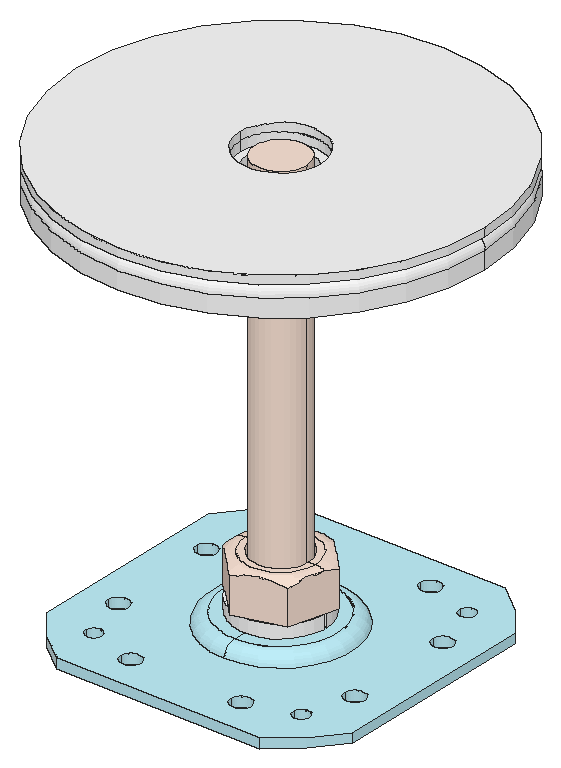
Revit family "gtqueen_st_r", category 機械設備, Revit 2022
Family settings
  丸型コネクタ寸法 = 直径を使用
  種別 = なし
  パーツ タイプ = 標準
  作業面ベース = いいえ
  常に垂直 = はい
  ロード時にボイドで切り取り = いいえ
  注釈の向きを維持 = いいえ
  共有 = いいえ
  部屋計算ポイント = いいえ
Parameters
  製造元 = "株式会社桐井製作所"
  既定の高さ = 0 mm
  URL = "https://www.kirii.co.jp/"
  K_名称 = "GTクイーンST(Rタイプ)"
  K_備考 = "ボルト長さ60mm~250mmまで対応"
  K_バージョン情報 = "20230413"
Reference planes
  plane 1 "中心(正面/背面)": y = 0
  plane 2: z = 0
  plane 3 "中心(左/右)": x = 0
Dimensions and locks
  aligned and locked: level to plane 2
Nested families
  nested 1: "1／2”ボルト" at (0.038, 0, 0), type "1／2”ボルト"
  nested 2: "1／2”ナット" at (0.076, 0, 99.1) x (1, 0, 0) z (0, 0, -1), type "1／2”ナット"
  nested 3: "1／2”スプリングワッシャー" at (-0.038, 0, 99.1), type "1／2”スプリングワッシャー"
  nested 4: "NDプレートST" at (0.076, 0, 0), type "NDプレートST"
  nested 5: "1／2”ナット" at (0.076, 0, 8.2), type "1／2”ナット"
  nested 6: "1／2”スプリングワッシャー" at (0.038, 0, 5), type "1／2”スプリングワッシャー"
  nested 7: "Rプレート" at (-0.077, 0.18, 104.6) x (1, 0, 0) z (0, 0, -1), type "Rプレート"
  nested 8: "Rプレートゴム" at (-0.077, 0.145, 104.602), type "Rプレートゴム"
Definition of nested family "1／2”ボルト"
  Parameters (values of type "1／2”ボルト")
    Manufacturer = "株式会社桐井製作所"
    Default Elevation = 0 mm
    URL = "https://www.kirii.co.jp/"
    K_長さ(mm) = 105 mm
    K_材質 = "軟鋼線材"
    K_名称 = "1/2”ボルト"
    K_単位質量(㎏/mm) = 0.075
    K_バージョン情報 = "20221212"
    K_めっき付着量 = "JIS H 8610 電気亜鉛めっき1級以上　JIS H 8625 1級CM1A以上"
    K_JIS規格 = "JIS G 3505　同等以上"
  Reference planes
    plane 1 "中心(正面/背面)": y = 0
    plane 2: z = 0
    plane 3 "中心(左/右)": x = 0
  Forms (mm)
    Extrusion 1, solid
      sketch origin (0.058, 0, 0) x (1, 0, 0) y (0, 1, 0)
        loop
          circle (-0.02, 0) r 6.35
      from 0 to 105
  Dimensions and locks
    "K_長さ(mm)": Extrusion 1 to Extrusion 1
    aligned and locked: level to plane 2
  Automatic sketch dimensions
    plane 1 "中心(正面/背面)" to Extrusion 1 sketch curve = 0 mm
    plane 3 "中心(左/右)" to Extrusion 1 sketch curve = 0.038 mm
    radius of Extrusion 1 sketch curve = 6.35 mm
Definition of nested family "1／2”ナット"
  Parameters (values of type "1／2”ナット")
    Manufacturer = "株式会社桐井製作所"
    Default Elevation = 0 mm
    URL = "https://www.kirii.co.jp/"
    K_材質 = "JIS H 8610 電気亜鉛めっき1級以上　JIS H 8625 1級CM1A以上"
    K_名称 = "1/2\"ナット"
    K_単位質量(kg/個) = 0.021
    K_バージョン情報 = "20221212"
    K_JIS規格 = "軟鋼線材 JIS G 3505 同等以上"
  Reference planes
    plane 1 "中心(正面/背面)": y = 0
    plane 2: z = 0
    plane 3 "中心(左/右)": x = 0
  Forms (mm)
    Revolve 1, solid
      sketch origin (0, 0, 2.36) x (1, 0, 0) y (0, 0, 1)
        loop
          line (7, 7.64) -> (7, -2.36) -> (13, -2.36) -> (13, 4.782)
          arc (13, 4.782) -> (11.208, 6.863) -> (8.573, 7.64) r 4.858
          line (8.573, 7.64) -> (7, 7.64)
        axis (0, 7.64) -> (0, -2.36)
      angle from 0 to 360
    Extrusion 2, void
      sketch origin (0, 0, 0) x (1, 0, 0) y (0, 1, 0)
        loop
          circle (0, 0) r 14
        loop
          line (3.138, 11.711) -> (-8.573, 8.573) -> (-11.711, -3.138) -> (-3.138, -11.711) -> (8.573, -8.573) -> (11.711, 3.138) -> (3.138, 11.711)
      from 0 to 10
  Cuts and joins
    Extrusion 2 cuts Revolve 1
  Dimensions and locks
    aligned and locked: level to plane 2
Definition of nested family "1／2”スプリングワッシャー"
  Parameters (values of type "1／2”スプリングワッシャー")
    Manufacturer = "株式会社桐井製作所"
    Default Elevation = 0 mm
    URL = "https://www.kirii.co.jp/"
    K_表面処理 = "JIS H 8610 電気亜鉛めっき1級以上　JIS H 8625 1級CM1A以上"
    K_材質 = "軟鋼線材 JIS G 3505 同等以上"
    K_名称 = "1/2”スプリングワッシャー"
    K_単位質量(kg/個) = 0.001
    K_バージョン情報 = "20221219"
  Reference planes
    plane 1 "中心(正面/背面)": y = 0
    plane 2: z = 0
    plane 3 "中心(左/右)": x = 0
  Forms (mm)
    Extrusion 1, solid
      sketch origin (0, 0, 0) x (1, 0, 0) y (0, 1, 0)
        loop
          line (10.989, 0.5) -> (7.984, 0.5)
          arc (7.984, 0.5) -> (-8, 0) -> (7.984, -0.5) r 8
          line (7.984, -0.5) -> (10.989, -0.5)
          arc (10.989, -0.5) -> (-11, 0) -> (10.989, 0.5) r 11
      from 0 to 3.2
  Dimensions and locks
    aligned and locked: level to plane 2
Definition of nested family "NDプレートST"
  Parameters (values of type "NDプレートST")
    Manufacturer = "株式会社桐井製作所"
    Default Elevation = 0 mm
    URL = "https://www.kirii.co.jp/"
    K_名称 = "NDプレートST"
    K_バージョン情報 = "20230328"
  Reference planes
    plane 1 "中心(正面/背面)": y = 0
    plane 2: z = 0
    plane 3 "中心(左/右)": x = 0
  Forms (mm)
    Extrusion 1, solid
      sketch origin (0, 0, 0) x (1, 0, 0) y (0, 1, 0)
        loop
          line (24.875, 37.5) -> (-24.875, 37.5)
          arc (-24.875, 37.5) -> (-31.82, 31.82) -> (-37.5, 24.875) r 45
          line (-37.5, 24.875) -> (-37.5, -24.875)
          arc (-37.5, -24.875) -> (-31.82, -31.82) -> (-24.875, -37.5) r 45
          line (-24.875, -37.5) -> (24.875, -37.5)
          arc (24.875, -37.5) -> (31.82, -31.82) -> (37.5, -24.875) r 45
          line (37.5, -24.875) -> (37.5, 24.875)
          arc (37.5, 24.875) -> (31.82, 31.82) -> (24.875, 37.5) r 45
        loop
          circle (-29, 13.5) r 2.5
        loop
          circle (-25.456, 25.456) r 2
        loop
          circle (-13.5, 29) r 2.5
        loop
          circle (13.5, 29) r 2.5
        loop
          circle (25.456, 25.456) r 2
        loop
          circle (29, 13.5) r 2.5
        loop
          circle (29, -13.5) r 2.5
        loop
          circle (25.456, -25.456) r 2
        loop
          circle (13.5, -29) r 2.5
        loop
          circle (-13.5, -29) r 2.5
        loop
          circle (-25.456, -25.456) r 2
        loop
          circle (-29, -13.5) r 2.5
      from 0 to 2.3
    Revolve 2, solid
      sketch origin (0, 0, 0) x (0, 1, 0) y (0, 0, 1)
        loop
          line (0, 5) -> (-14.001, 5)
          arc (-14.001, 5) -> (-16.211, 4.247) -> (-17.501, 2.3) r 3.619
          line (-17.501, 2.3) -> (0, 2.3) -> (0, 5)
        axis (0, 2.3) -> (0, 5)
      angle from 0 to 360
    Extrusion 3, void
      sketch origin (0, 0, 0) x (1, 0, 0) y (0, 1, 0)
        loop
          circle (0, 0) r 6
      from 0 to 5
  Cuts and joins
    Extrusion 3 cuts Extrusion 1
    Extrusion 3 cuts Revolve 2
    joined: Extrusion 1, Revolve 2
  Dimensions and locks
    aligned and locked: level to plane 2
Definition of nested family "Rプレート"
  Parameters (values of type "Rプレート")
    Manufacturer = "株式会社桐井製作所"
    Default Elevation = 0 mm
    URL = "https://www.kirii.co.jp/"
    K_名称 = "Rプレート"
    K_バージョン情報 = "20230328"
  Reference planes
    plane 1 "中心(正面/背面)": y = 0
    plane 2: z = 0
    plane 3 "中心(左/右)": x = 0
  Forms (mm)
    Extrusion 1, void
      sketch origin (0, 0, 3.2) x (1, 0, 0) y (0, 1, 0)
        loop
          circle (0.04, 0.017) r 10
      from -3.2 to -0.9
    Extrusion 2, solid
      sketch origin (0, 0, 0) x (1, 0, 0) y (0, 1, 0)
        loop
          circle (0.035, 0.017) r 47.567
      from 0 to 2.3
    Sweep 3, solid
      path in 3D
        loop
          arc (47.603, 0.017, 2.3) -> (0.035, -47.55, 2.3) -> (-47.532, 0.017, 2.3) r 47.567
          arc (-47.532, 0.017, 2.3) -> (0.035, 47.585, 2.3) -> (47.603, 0.017, 2.3) r 47.567
      profile origin (0.035, 47.585, 2.3) x (0, 1, 0) y (0, 0, 1)
        loop
          line (2.433, 5) -> (0.133, 5) -> (0.133, 1)
          arc (0.133, 1) -> (0.084, 0.475) -> (-0.01, -0.045) r 6.118
          line (-0.01, -0.045) -> (-0.01, -2.302)
          arc (-0.01, -2.302) -> (1.745, -1.235) -> (2.433, 0.7) r 3.066
          line (2.433, 0.7) -> (2.433, 5)
  Cuts and joins
    Extrusion 1 cuts Extrusion 2
  Lines and regions (mm)
    sketch lines
      curve 1: arc (-47.532, 0.017, 2.3) -> (0.035, 47.585, 2.3) -> (47.603, 0.017, 2.3) r 47.567
      curve 2: arc (47.603, 0.017, 2.3) -> (0.035, -47.55, 2.3) -> (-47.532, 0.017, 2.3) r 47.567
  Dimensions and locks
    aligned and locked: level to plane 2
Definition of nested family "Rプレートゴム"
  Parameters (values of type "Rプレートゴム")
    Manufacturer = "株式会社桐井製作所"
    Default Elevation = 0 mm
    URL = "https://www.kirii.co.jp/"
    K_名称 = "Rプレートゴム"
    K_バージョン情報 = "20230328"
  Reference planes
    plane 1 "中心(正面/背面)": y = 0
    plane 2: z = 0
    plane 3 "中心(左/右)": x = 0
  Forms (mm)
    Extrusion 1, void
      sketch origin (0, 0, 3.2) x (1, 0, 0) y (0, 1, 0)
        loop
          circle (0.04, 0.017) r 10
      from -3.2 to -1.2
    Extrusion 2, solid
      sketch origin (0, 0, 0) x (1, 0, 0) y (0, 1, 0)
        loop
          circle (0.04, 0.017) r 50
      from 0 to 2
  Cuts and joins
    Extrusion 1 cuts Extrusion 2
  Dimensions and locks
    aligned and locked: level to plane 2
